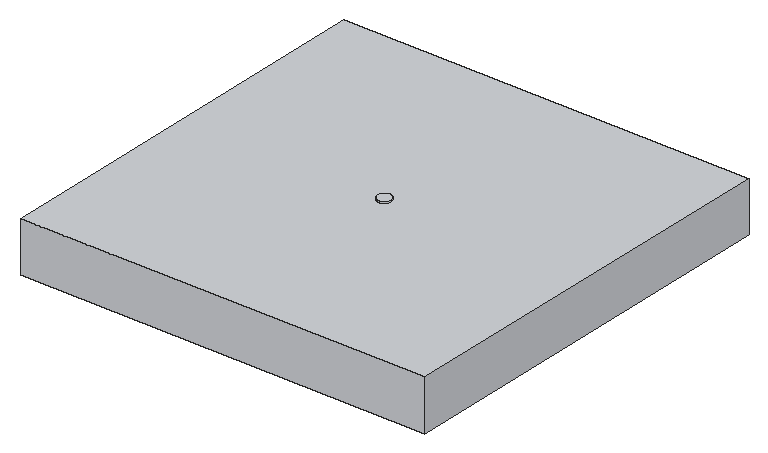
Revit family "M_Sprinkler - Seco - Pendente - Embutido por completo - Hospedado", category Sprinklers, Revit 2019
Family settings
  Hospedeiro = Face
  Manter orientação da anotação = Sim
  Cota do conector redondo = Usar raio
  Tipo de parte = Normal
  Número OmniClass = 23.65.70.17.11.24
  Título OmniClass = Fire Fighting Sprinkler Heads
  ID de item do Seek = Sprinkler - Dry - Pendent - Fully Recessed - Hosted-0000-CAN-ENU
  Corte com vazios quando carregada = Não
  Compartilhado = Não
  Ponto de cálculo do ambiente = Não
Parameters (values of type "Pendente seco de 15 mm com proteção")
  Classificação de temperatura = 57 °C
  Símbolo [instance] = M_Sprinkler - Símbolo - Pendente com protetor : Sprinkler - Símbolo - Pendente com proteção
  Resposta = Padrão
  Queda de pressão [instance] = 48300.0 Pa
  Classe de pressão = Padrão
  Tamanho do orifício = 13 mm
  Orifício = Padrão
  Fator-K = 81
  Fluxo [instance] = 2.0 L/s
  Diâmetro do escudete = 84 mm
  Cobertura = Padrão
  Diâmetro nominal = Raio nominal * 2  # 15 mm
  Raio nominal = 7.5 mm
  Raio do escudete = 0.5 * Diâmetro do escudete  # 42 mm
  Protrusão = 0 mm
  Comprimento total = 98 mm
  Espessura do escudete = 5 mm
  Elevação-padrão = 2400 mm
  CEL = 13 mm
  Assembly Code = ""
Types (4, lengths in mm): name | Símbolo
  Pendente seco de 15 mm | M_Sprinkler - Símbolo - Pendente : Sprinkler - Símbolo - Pendente
  Pendente seco em gota de 15 mm | M_Sprinkler - Símbolo - Pendente em gota : Sprinkler - Símbolo - Pendente em gota
  Pendente seco em gota de 15 mm com proteção | M_Sprinkler - Símbolo - Pendente em gota com proteção : Sprinkler - Símbolo - Pendente em gota com proteção
  Pendente seco de 15 mm com proteção | M_Sprinkler - Símbolo - Pendente com protetor : Sprinkler - Símbolo - Pendente com proteção
Reference planes
  plane 1 "Centro (Frente/Trás)": y = 0
  plane 2: z = 0
  plane 3 "Centro (Esquerda/Direita)": x = 0
  plane 4: z = -98
  plane 5: z = 5
  plane 6: z = 0
  plane 7: z = -85
Forms (mm)
  Extrusion 1, solid
    sketch origin (0, 0, 0) x (1, 0, 0) y (0, 1, 0)
      loop
        line (-1219.2, 1219.2) -> (-1219.2, -1219.2) -> (1219.2, -1219.2) -> (1219.2, 1219.2) -> (-1219.2, 1219.2)
    from 0 to -304.8
  Extrusion 2, solid
    sketch origin (0, 0, 0) x (1, 0, 0) y (0, 1, 0)
      loop
        circle (0, 0) r 7.5
    from -85 to 0
  Extrusion 3, solid
    sketch origin (0, 0, 0) x (1, 0, 0) y (0, 1, 0)
      loop
        circle (0, 0) r 42
    from 0 to 5
Cuts and joins
  joined: Extrusion 2, Extrusion 3
Dimensions and locks
  "Espessura do escudete": plane 5 to level
  "Protrusão": plane 6 to level
  "Comprimento total": plane 6 to plane 4
  "CEL": plane 7 to plane 4
  "Raio nominal": radius of Extrusion 2 sketch curve
  "Raio do escudete": radius of Extrusion 3 sketch curve
  aligned and locked: plane 2 to Extrusion 1
  aligned and locked: level to Extrusion 1
  aligned and locked: Extrusion 3 to level
  aligned and locked: plane 5 to Extrusion 3
  aligned and locked: plane 6 to Extrusion 2
  aligned and locked: Extrusion 2 to plane 7
Automatic sketch dimensions
  Extrusion 2 sketch curve to plane 1 "Centro (Frente/Trás)" = 0 mm
  Extrusion 2 sketch curve to plane 3 "Centro (Esquerda/Direita)" = 0 mm
  Extrusion 3 sketch curve to plane 1 "Centro (Frente/Trás)" = 0 mm
  Extrusion 3 sketch curve to plane 3 "Centro (Esquerda/Direita)" = 0 mm
  Extrusion 1 sketch curve to Extrusion 1 sketch curve = 2438.4 mm  (x2)
Nested families
  nested 1: "M_Sprinkler - Símbolo - Pendente com protetor" at (0, 0, 0), type <- "Símbolo", type "Sprinkler - Símbolo - Pendente com proteção"
Connectors
  piping at (0, 0, -85), diameter 15, driven by "Raio nominal", driven by "Fluxo", driven by "Queda de pressão"
    settings: on cut or joined group of Extrusion 2, Extrusion 3, index 1, connector inside diameter 15 mm, connector length 0 mm, flow factor 0, pipe flow 2.0 L/s, pressure drop 48300.0 Pa, fitting loss kfactor 0, connector angle 0.00°, fixture units 0, engagement length 0 mm, angle of deflection 0.00°, flow configuration 1, flow direction 1, fitting loss method 4, system type 24, joint type 0, gender type 0, connector reference index -1, connector utility 0, adjustable connector no, is connector primary yes, connector description "In"
Definition of nested family "M_Sprinkler - Símbolo - Pendente com protetor"
  Parameters
    Raio do símbolo = 0.5 * Diâmetro do símbolo  # 1.5 mm
    Diâmetro do símbolo = 3 mm
  Reference planes
    plane 1: y = 0
    plane 2: x = 0
  Lines and regions (mm)
    detail lines
      curve 1: circle (0, 0, 0) r 1.5 normal (0, 0, 1)
      curve 2: line (-1.587, 1.588, 0) -> (1.587, -1.588, 0)
      curve 3: line (1.588, 1.587, 0) -> (-1.588, -1.588, 0)
  Dimensions and locks
    "Raio do símbolo": radius of curve 1
  Automatic sketch dimensions
    curve 1 to plane 1 = 0 mm
    curve 1 to plane 2 = 0 mm
    curve 3 to plane 1 = 1.587 mm
    curve 2 to plane 2 = 1.587 mm
    curve 2 to plane 1 = 1.588 mm
    curve 3 to plane 2 = 1.588 mm
    plane 1 to curve 3 = 1.588 mm
    plane 2 to curve 3 = 1.588 mm
    plane 2 to curve 2 = 1.587 mm
    plane 1 to curve 2 = 1.588 mm
